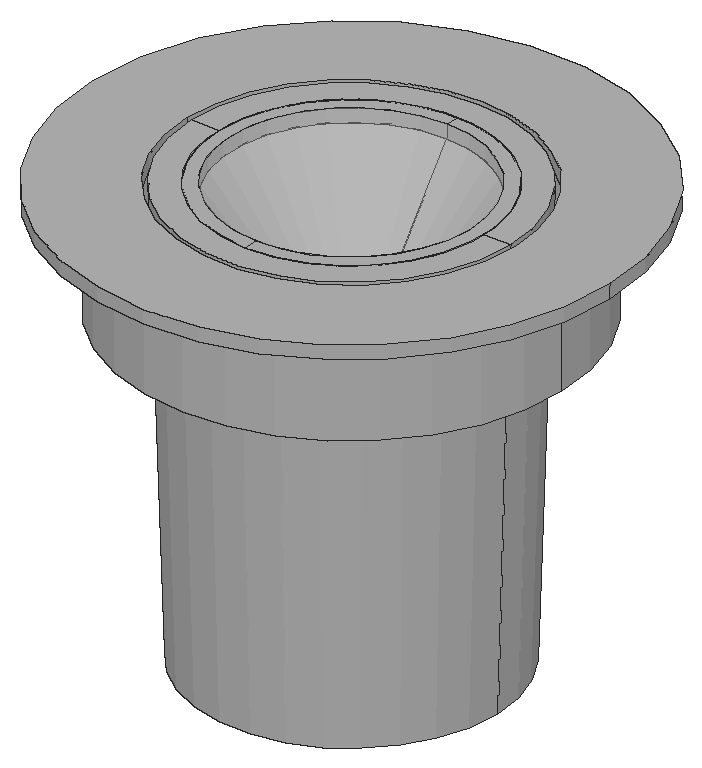
Revit family "3079454 Feilo Sylvania Lighting Fixture INST ECO KIT LED ADJ BA NW DIMMABLE", category Lighting Fixtures, host Face, Revit 2017
Family settings
  Host = Face
  Round Connector Dimension = Use Diameter
  Part Type = Normal
  OmniClass Number = 23.80.70.11.17
  OmniClass Title = Specialized Lighting by Location or Use
  Cut with Voids When Loaded = No
  Light Source = No
  Shared = No
  Room Calculation Point = No
Parameters (values of type "3079454 INST ECO KIT LED ADJ BA NW DIMMABLE")
  Weight = "8.12 kg"
  WarrantyStartDate [instance] = "n/a"
  WarrantyGuarantorParts = "n/a"
  WarrantyDurationUnit = "n/a"
  WarrantyDurationParts = "n/a"
  WarrantyDescription = "n/a"
  Voltage = 230 V
  URL = "http://www.sylvania-lighting.com"
  TypeName = "INST ECO KIT LED ADJ BA NW DIMMABLE"
  TypeHead_FEILO = Rotateable Head : 3079454 INST ECO KIT LED ADJ BA NW DIMMABLE
  SerialNumber [instance] = "n/a"
  PowerFactor = 0
  PowerConsumption = "10 W"
  NominalWidth = 0.0 mm
  NominalLength = 78.0 mm
  NominalHeight = 62.0 mm
  Name = "INST ECO KIT LED ADJ BA NW DIMMABLE"
  ModelReference = "INST ECO KIT LED ADJ BA NW DIMMABLE"
  ModelNumber = "3079454"
  Material_1_FEILO = Aluminum_Sylvania_Instar Eco Kit Adjustable SunDim_Bright
  RecessedDepth_FEILO = Height_FEILO + 38.0 mm  # 100.0 mm
  Material = "aluminium housing, plastic diffuser"
  ManufacturerName = "Feilo Sylvania"
  LuminousEfficacy = "51.5 lm/W"
  LuminaireType = ""
  LightOutputRatio = "100"
  LampsType = Lamp  # "LED"
  LampNominalLuminous = "515 lm"
  LampMacAdamStep = "n/a"
  LampColourTemperature = "4000 K"
  LampColourRenderingIndex = "83"
  Keynote = "16500"
  InstallationDate [instance] = "n/a"
  InputVoltage = "220-240V~"
  InputNominalFrequency = "n/a"
  IngressProtection = "IP23"
  ImpactProtectionIndex = "IK02"
  IfcExportType = "IfcLightFixtureType"
  IfcExportAs = "IfcLightFixtureType"
  HeadRadius_FEILO = HeadDiameter_FEILO / 2  # 24.0 mm
  HeadDiameter_FEILO = AccessoryInnerDiameter_FEILO - 1.5 mm  # 48.0 mm
  ExpectedLife = 50000
  EndAngle_FEILO [instance] = FixtureTiltAngle_FEILO + 180.00°  # 180.00°
  ElectricShockClassification = "Class II"
  DurationUnit = "hours"
  DocumentationLiterature = "http://www.sylvania-lighting.com/product/en-int/products/3079454"
  DimmingControlOptions = "Dimmable"
  CreatedOn = "2/19/2018"
  CreatedBy = ""
  BarCode [instance] = "n/a"
  AssetType = "Fixed"
  AssetIdentifier [instance] = "n/a"
  AccessoryBodyOuterDiameter_FEILO = AccessoryInnerDiameter_FEILO + 14.0 mm  # 63.5 mm
  Offset_FEILO = -5.3 mm  # constant formula
  Diameter_FEILO = AccessoryOuterDiameter_FEILO  # 78.0 mm
  AccessoryInnerDiameter_FEILO = 49.5 mm
  Height_FEILO = 62.0 mm
  FixtureTiltAngle_FEILO [instance] = 0.00°
  CutoutDiameter_FEILO = Diameter_FEILO - 10.0 mm  # 68.0 mm
  Material_2_FEILO = Aluminum_Sylvania_Instar Eco Kit Adjustable SunDim_White
  Material_3_FEILO = Aluminum_Sylvania_Instar Eco Kit Adjustable SunDim_Brushed
  built-in parameter 1114216 [instance] = 1 (stored number, unit not read)
  Model = "INST ECO KIT LED ADJ BA NW DIMMABLE"
  Manufacturer = "Feilo Sylvania"  # constant formula
  Lamp = "LED"
  Material_4_FEILO = Glass_Sylvania_Instar Eco Kit Adjustable SunDim_Clear
  Description = "Utilsing SunDim technology to acheive warmer colour temperature as the fitting is dimmed. Incredible colour quality with 92  to 94 CRI. 12W LED white downlight. Ideal for hospitality accent and display lighting applications such as bathrooms, wellness areas, terraces or porches. Choice of fixed, adjustable and dimmable fixed versions. Comes complete and ready to install with its driver. Available in white and brushed aluminium finishes. Outstanding performace, up to 545lm - at 3,000K. A small 68mm round cut out is required, giving the ability to place your light source almost anywhere due to a shallow luminaire depth of 49.9mm. Quick and easy to install. No UV or IR radiations. LED technology provides energy efficient solution and reduced maintenance costs"  # constant formula
  Default Elevation = 0.0 mm
  built-in parameter 1140040 [instance] = 1
  Assembly Code = "D5020200"
  Apparent Load = 10 VA
  AccessoryBodyInnerDiameter_FEILO = 60.0 mm
  AccessoryOuterDiameter_FEILO = AccessoryBodyInnerDiameter_FEILO + 18.0 mm  # 78.0 mm
Reference planes
  plane 1 "Center (Front/Back)": y = 0
  plane 2: z = 0
  plane 3 "Center (Left/Right)": x = 0
  plane 4 "Fixture Bottom": z = 2
  plane 5 "Accessory Top": z = -15
  plane 6 "Rotation Plane": z = -5.29
  plane 7: y = 5
  plane 8: y = -5
  plane 9: x = -5
Forms (mm)
  Extrusion 1, void
    sketch origin (0, 0, 58) x (-1, 0, 0) y (0, -1, 0)
      loop
        circle (0, 0) r 34
    from -376.952 to -56
  Extrusion 2, solid, material "Aluminum_Sylvania_Instar Eco Kit Adjustable SunDim_Brushed" <- "Material_3_FEILO"
    sketch origin (0, 0, 58) x (-1, 0, 0) y (0, -1, 0)
      loop
        circle (0, 0) r 39
      loop
        circle (0, 0) r 24.75
    from -58 to -56
  Extrusion 3, solid, material "Aluminum_Sylvania_Instar Eco Kit Adjustable SunDim_Brushed" <- "Material_3_FEILO"
    sketch origin (0, 0, 58) x (-1, 0, 0) y (0, -1, 0)
      loop
        circle (0, 0) r 30
      loop
        circle (0, 0) r 31.75
    from -73 to -58
  Revolve 4, solid, not visible
    sketch origin (1.164, -4572, -5.29) x (-1, 0, 0) y (0, -1, 0)
      loop
        line (1.164, -4577) -> (6.164, -4577) -> (6.164, -4567) -> (1.164, -4567) -> (1.164, -4577)
      axis (1.164, -4577) -> (1.164, -4567)
    angle from 0 <- "FixtureTiltAngle_FEILO" to 180 <- "EndAngle_FEILO"
Cuts and joins
  joined: Extrusion 2, Extrusion 3
Dimensions and locks
  locked: plane 4 "Fixture Bottom" to plane 2 at 2
  locked: plane 2 to plane 5 "Accessory Top" at 15
  locked: plane 2 to plane 6 "Rotation Plane" at 5.29
  plane 8 to plane 1 "Center (Front/Back)" to plane 7 = 5.0 mm locked, 5.0 mm locked
  locked: plane 9 to plane 3 "Center (Left/Right)" at 5
  "AccessoryOuterDiameter_FEILO": diameter of Extrusion 2 sketch curve
  "AccessoryInnerDiameter_FEILO": diameter of Extrusion 2 sketch curve
  "AccessoryBodyOuterDiameter_FEILO": diameter of Extrusion 3 sketch curve
  "AccessoryBodyInnerDiameter_FEILO": diameter of Extrusion 3 sketch curve
  "CutoutDiameter_FEILO": diameter of Extrusion 1 sketch curve
  aligned and locked: plane 2 to host face
  aligned and locked: level to host face
  aligned and locked: Extrusion 2 to plane 2
  aligned and locked: plane 4 "Fixture Bottom" to Extrusion 2
  aligned and locked: plane 2 to Extrusion 3
  aligned and locked: Extrusion 3 to plane 5 "Accessory Top"
  aligned and locked: plane 4 "Fixture Bottom" to Extrusion 1
  aligned and locked: plane 3 "Center (Left/Right)" to Revolve 4 sketch curve
  aligned and locked: Revolve 4 sketch curve to plane 3 "Center (Left/Right)"
  aligned and locked: nested 1 to Revolve 4
  aligned and locked: nested 1 to plane 1 "Center (Front/Back)"
  aligned and locked: plane 8 to Revolve 4 sketch curve
  aligned and locked: Revolve 4 sketch curve to plane 7
  aligned and locked: Revolve 4 sketch curve to plane 9
Automatic sketch dimensions
  host sketch curve to host sketch curve = 345.0 mm
  host sketch curve to host sketch curve = 280.0 mm
  Revolve 4 sketch curve to plane 3 "Center (Left/Right)" = 0.0 mm  (x2)
  Revolve 4 sketch curve to plane 7 = 806.717 mm
  plane 8 to Revolve 4 sketch curve = 758.171 mm
  plane 1 "Center (Front/Back)" to Extrusion 1 sketch curve = 0.0 mm
  Extrusion 1 sketch curve to plane 3 "Center (Left/Right)" = 0.0 mm
  Extrusion 2 sketch curve to Extrusion 2 sketch curve = 0.0 mm  (x2)
  plane 1 "Center (Front/Back)" to Extrusion 2 sketch curve = 0.0 mm
  Extrusion 2 sketch curve to plane 3 "Center (Left/Right)" = 0.0 mm
  Extrusion 3 sketch curve to Extrusion 3 sketch curve = 0.0 mm  (x2)
  plane 1 "Center (Front/Back)" to Extrusion 3 sketch curve = 0.0 mm
  Extrusion 3 sketch curve to plane 3 "Center (Left/Right)" = 0.0 mm
Nested families
  nested 1: "Rotateable Head" at (0, -1.973, 0.01) x (1, 0, 0) z (0, 0, -1), type <- "TypeHead_FEILO", type "3079454 INST ECO KIT LED ADJ BA NW DIMMABLE"
Definition of nested family "Rotateable Head"
  Parameters (values of type "3079456 INST ECO KIT LED ADJ BA 2.7K DIMMABLE")
    Wattage = 10 W
    built-in parameter 1150110 = 1 (stored number, unit not read)
    URL = "http://www.feilosylvania.com"
    built-in parameter 1114217 = 1 (stored number, unit not read)
    Tilt Angle = 90.00°
    built-in parameter 1150109 = 1 (stored number, unit not read)
    built-in parameter 1150134 = (empty or 0)
    built-in parameter 1150113 = 1 (stored number, unit not read)
    Model = "INST ECO KIT LED ADJ BA 2.7K DIMMABLE"
    Material_1_FEILO = none
    Photometric Web File = "3079456.ies"
    Outer Radius = 24.0 mm
    Manufacturer = "Feilo Sylvania"
    built-in parameter 1150105 = 854.9 (stored number, unit not read)
    Lumens = 450 lm
    built-in parameter 1150115 = 1 (stored number, unit not read)
    built-in parameter 1150137 = (empty or 0)
    built-in parameter 1150139 = (empty or 0)
    built-in parameter 1150112 = 1 (stored number, unit not read)
    built-in parameter 1150114 = 1 (stored number, unit not read)
    Lamp = "LED"
    Keynote = "16500"
    Inner Radius = Outer Radius - 4.0 mm  # 20.0 mm
    built-in parameter 1150132 = 2
    built-in parameter 1150102 = (empty or 0)
    built-in parameter 1150107 = 2700 (stored number, unit not read)
    built-in parameter 1150138 = (empty or 0)
    built-in parameter 1150106 = 8.549 (stored number, unit not read)
    Height = 62.0 mm
    Emit from Circle Diameter = Diffuser Radius * 2  # 36.0 mm
    Emit Shape Visible in Rendering = no
    built-in parameter 1150104 = 4.1806 (stored number, unit not read)
    Dimming Lamp Color Temperature Shift = (empty or 0)
    Diffuser Radius = Outer Radius - 6.0 mm  # 18.0 mm
    Material_2_FEILO = none
    Description = "25° tiltable, IP23 Accent downlight perfect for 50W Halogen retrofits. Optimal solution in size and luminous efficiency for hospitality and accent and display lighting applications with a 36° beam and 450 lumen output. The downlight provides 2700K CCT and also comes including a dimmable driver."
    Default Elevation = 0.0 mm
    Color Filter = 16777215
    Material_3_FEILO = none
    built-in parameter 1114218 = 1 (stored number, unit not read)
    built-in parameter 1150133 = 10 (stored number, unit not read)
    Assembly Code = "D5020200"
    Apparent Load = 10 VA
  Types (12, lengths in mm): name | built-in parameter 1150134 | Model | Photometric Web File | built-in parameter 1150105 | Lumens | built-in parameter 1150107 | built-in parameter 1150106 | built-in parameter 1150104 | Description
    3079456 INST ECO KIT LED ADJ BA 2.7K DIMMABLE | (empty or 0) | "INST ECO KIT LED ADJ BA 2.7K DIMMABLE" | "3079456.ies" | 854.9 (stored number, unit not read) | 450 lm | 2700 (stored number, unit not read) | 8.549 (stored number, unit not read) | 4.1806 (stored number, unit not read) | "25° tiltable, IP23 Accent downlight perfect for 50W Halogen retrofits. Optimal solution in size and luminous efficiency for hospitality and accent and display lighting applications with a 36° beam and 450 lumen output. The downlight provides 2700K CCT and also comes including a dimmable driver."
    3079455 INST ECO KIT LED ADJ WH 2.7K DIMMABLE | (empty or 0) | "INST ECO KIT LED ADJ WH 2.7K DIMMABLE" | "3079455.ies" | 854.9 (stored number, unit not read) | 450 lm | 2700 (stored number, unit not read) | 8.549 (stored number, unit not read) | 4.1806 (stored number, unit not read) | "25° tiltable, IP23 Accent downlight perfect for 50W Halogen retrofits. Optimal solution in size and luminous efficiency for hospitality and accent and display lighting applications with a 36° beam and 450 lumen output. The downlight provides 2700K CCT and also comes including a dimmable driver."
    3079454 INST ECO KIT LED ADJ BA NW DIMMABLE | 12 | "INST ECO KIT LED ADJ BA NW DIMMABLE" | "3079454.ies" | 981.6 (stored number, unit not read) | 515 lm | 4000 (stored number, unit not read) | 9.816 (stored number, unit not read) | 4.7845 (stored number, unit not read) | "25° tiltable, IP23 Accent downlight perfect for 50W Halogen retrofits. Optimal solution in size and luminous efficiency for hospitality and accent and display lighting applications with a 36° beam and 515 lumen output. The downlight provides 4000K CCT and also comes including a dimmable driver."
    3079453 INST ECO KIT LED ADJ WH NW DIMMABLE | 12 | "INST ECO KIT LED ADJ WH NW DIMMABLE" | "3079453.ies" | 981.6 (stored number, unit not read) | 515 lm | 4000 (stored number, unit not read) | 9.816 (stored number, unit not read) | 4.7845 (stored number, unit not read) | "25° tiltable, IP23 Accent downlight perfect for 50W Halogen retrofits. Optimal solution in size and luminous efficiency for hospitality and accent and display lighting applications with a 36° beam and 515 lumen output. The downlight provides 4000K CCT and also comes including a dimmable driver."
    3079452 INST ECO KIT LED ADJ BA WW DIMMABLE | (empty or 0) | "INST ECO KIT LED ADJ BA WW DIMMABLE" | "3079452.ies" | 846.87 (stored number, unit not read) | 462 lm | 3000 (stored number, unit not read) | 8.4687 (stored number, unit not read) | 4.2921 (stored number, unit not read) | "25° tiltable, IP23 Accent downlight perfect for 50W Halogen retrofits. Optimal solution in size and luminous efficiency for hospitality and accent and display lighting applications with a 36° beam and 462 lumen output. The downlight provides 3000K CCT and also comes including a dimmable driver."
    3079451 INST ECO KIT LED ADJ WH WW DIMMABLE | (empty or 0) | "INST ECO KIT LED ADJ WH WW DIMMABLE" | "3079451.ies" | 846.87 (stored number, unit not read) | 462 lm | 3000 (stored number, unit not read) | 8.4687 (stored number, unit not read) | 4.2921 (stored number, unit not read) | "25° tiltable, IP23 Accent downlight perfect for 50W Halogen retrofits. Optimal solution in size and luminous efficiency for hospitality and accent and display lighting applications with a 36° beam and 462 lumen output. The downlight provides 3000K CCT and also comes including a dimmable driver."
    3079356 INST ECO KIT LED ADJ BA 2700K | (empty or 0) | "INST ECO KIT LED ADJ BA 2700K" | "3079356.ies" | 854.9 (stored number, unit not read) | 450 lm | 2700 (stored number, unit not read) | 8.549 (stored number, unit not read) | 4.1806 (stored number, unit not read) | "25° tiltable, IP23 Accent downlight perfect for 50W Halogen retrofits. Optimal solution in size and luminous efficiency for hospitality and accent and display lighting applications with a 36° beam and 450 lumen output. The downlight provides 2700K CCT and also comes including a non dimmable driver."
    3079355 INST ECO KIT LED ADJ WH 2700K | (empty or 0) | "INST ECO KIT LED ADJ WH 2700K" | "3079355.ies" | 854.9 (stored number, unit not read) | 450 lm | 2700 (stored number, unit not read) | 8.549 (stored number, unit not read) | 4.1806 (stored number, unit not read) | "25° tiltable, IP23 Accent downlight perfect for 50W Halogen retrofits. Optimal solution in size and luminous efficiency for hospitality and accent and display lighting applications with a 36° beam and 450 lumen output. The downlight provides 2700K CCT and also comes including a non dimmable driver."
    3079354 INST ECO KIT LED ADJ BA 36° NW | 12 | "INST ECO KIT LED ADJ BA 36° NW" | "3079354.ies" | 981.6 (stored number, unit not read) | 515 lm | 4000 (stored number, unit not read) | 9.816 (stored number, unit not read) | 4.7845 (stored number, unit not read) | "25° tiltable, IP23 Accent downlight perfect for 50W Halogen retrofits. Optimal solution in size and luminous efficiency for hospitality and accent and display lighting applications with a 36° beam and 515 lumen output. The downlight provides 4000K CCT and also comes including a non dimmable driver."
    3079353 INST ECO KIT LED ADJ WH 36° NW | 12 | "INST ECO KIT LED ADJ WH 36° NW" | "3079353.ies" | 981.6 (stored number, unit not read) | 515 lm | 4000 (stored number, unit not read) | 9.816 (stored number, unit not read) | 4.7845 (stored number, unit not read) | "25° tiltable, IP23 Accent downlight perfect for 50W Halogen retrofits. Optimal solution in size and luminous efficiency for hospitality and accent and display lighting applications with a 36° beam and 515 lumen output. The downlight provides 4000K CCT and also comes including a non dimmable driver."
    3079352 INST ECO KIT LED ADJ BA 36° WW | (empty or 0) | "INST ECO KIT LED ADJ BA 36° WW" | "3079352.ies" | 846.87 (stored number, unit not read) | 462 lm | 3000 (stored number, unit not read) | 8.4687 (stored number, unit not read) | 4.2921 (stored number, unit not read) | "25° tiltable, IP23 Accent downlight perfect for 50W Halogen retrofits. Optimal solution in size and luminous efficiency for hospitality and accent and display lighting applications with a 36° beam and 462 lumen output. The downlight provides 3000K CCT and also comes including a non dimmable driver."
    3079351 INST ECO KIT LED ADJ WH 36° WW | (empty or 0) | "INST ECO KIT LED ADJ WH 36° WW" | "3079351.ies" | 846.87 (stored number, unit not read) | 462 lm | 3000 (stored number, unit not read) | 8.4687 (stored number, unit not read) | 4.2921 (stored number, unit not read) | "25° tiltable, IP23 Accent downlight perfect for 50W Halogen retrofits. Optimal solution in size and luminous efficiency for hospitality and accent and display lighting applications with a 36° beam and 462 lumen output. The downlight provides 3000K CCT and also comes including a non dimmable driver."
  Reference planes
    plane 1 "Center (Front/Back)": y = -1.973
    plane 2: z = 0
    plane 3 "Center (Left/Right)": x = 0
    plane 4: z = -2
    plane 5: z = 62
    plane 6: z = 58
    plane 7: z = 5.3
  Forms (mm)
    Revolve 1, solid, material <- "Material_1_FEILO", detail levels fine
      sketch origin (0, 0, 0) x (0, 1, 0) y (0, 0, 1)
        loop
          line (18.027, -2) -> (17.433, 17) -> (-1.973, 17) -> (-1.973, 15) -> (5.129, 15) -> (16.027, 0) -> (16.027, -2) -> (18.027, -2)
        axis (-1.973, 17) -> (-1.973, -2)
      angle from 0 to 360
    Extrusion 2, solid, material <- "Material_2_FEILO", detail levels fine
      sketch origin (0, 0, 0) x (1, 0, 0) y (0, 1, 0)
        loop
          circle (0, -1.973) r 18
      from -2 to 0
    Revolve 3, solid, material <- "Material_3_FEILO", detail levels fine
      sketch origin (0, -1.973, 0) x (1, 0, 0) y (0, 0, 1)
        loop
          line (-24, -2) -> (-20, -2) -> (-18.125, 58) -> (0, 58) -> (0, 62) -> (-22, 62) -> (-24, -2)
        axis (0, 62) -> (0, -2)
      angle from 0 to 360
    Revolve 4, solid, material <- "Material_3_FEILO", detail levels coarse+medium
      sketch origin (0, -1.973, 0) x (1, 0, 0) y (0, 0, 1)
        loop
          line (-24, -2) -> (0, -2) -> (0, 62) -> (-22, 62) -> (-24, -2)
        axis (0, 62) -> (0, -2)
      angle from 0 to 360
  Dimensions and locks
    "Outer Radius": plane 3 "Center (Left/Right)" to Revolve 3 sketch curve
    locked: Revolve 3 sketch curve to Revolve 3 sketch curve at 4
    locked: Revolve 3 sketch curve to Revolve 3 sketch curve at 3.998
    "Inner Radius": Revolve 1 sketch curve to plane 1 "Center (Front/Back)"
    locked: Revolve 1 sketch curve to Revolve 1 sketch curve at 2
    locked: plane 7 to plane 2 at 5.3
    "Outer Radius": imposter light to Revolve 4 sketch curve
    locked: level to plane 4 at 2
    locked: plane 5 to plane 6 at 4
    "Height": plane 5 to level
    "Diffuser Radius": radius of Extrusion 2 sketch curve
    aligned and locked: level to plane 2
    aligned and locked: Revolve 1 sketch curve to plane 4
    aligned and locked: plane 1 "Center (Front/Back)" to Revolve 1 sketch curve
    aligned and locked: Revolve 1 sketch curve to plane 1 "Center (Front/Back)"
    aligned and locked: plane 4 to Revolve 1 sketch curve
    aligned and locked: plane 2 to Revolve 1 sketch curve
    aligned and locked: Revolve 1 sketch curve to Revolve 1 sketch curve
    aligned and locked: Extrusion 2 to plane 4
    aligned and locked: plane 2 to Extrusion 2
    aligned and locked: Revolve 3 sketch curve to plane 5
    aligned and locked: Revolve 3 sketch curve to plane 6
    aligned and locked: Revolve 3 sketch curve to plane 3 "Center (Left/Right)"  (x2)
    aligned and locked: plane 3 "Center (Left/Right)" to imposter light
    aligned and locked: plane 1 "Center (Front/Back)" to imposter light
    aligned and locked: plane 4 to imposter light
    aligned and locked: Revolve 4 sketch curve to plane 5
    aligned and locked: Revolve 4 sketch curve to plane 4
    aligned and locked: Revolve 4 sketch curve to plane 3 "Center (Left/Right)"
  Automatic sketch dimensions
    Revolve 1 sketch curve to plane 1 "Center (Front/Back)" = 7.102 mm
    Revolve 1 sketch curve to Revolve 1 sketch curve = 12.304 mm
    Revolve 1 sketch curve to plane 7 = 9.7 mm
    Revolve 1 sketch curve to Revolve 1 sketch curve = 2.0 mm
    Revolve 1 sketch curve to plane 4 = 14.644 mm
    Revolve 1 sketch curve to Revolve 1 sketch curve = 17.617 mm
    plane 1 "Center (Front/Back)" to Extrusion 2 sketch curve = 0.0 mm
    Extrusion 2 sketch curve to plane 3 "Center (Left/Right)" = 0.0 mm
    Revolve 3 sketch curve to plane 4 = 0.0 mm
    Revolve 3 sketch curve to plane 4 = 30.928 mm
    Revolve 3 sketch curve to Revolve 3 sketch curve = 20.072 mm
    Revolve 4 sketch curve to plane 3 "Center (Left/Right)" = 0.0 mm
    Revolve 4 sketch curve to plane 3 "Center (Left/Right)" = 22.0 mm
    Revolve 4 sketch curve to Revolve 4 sketch curve = 30.928 mm
    Revolve 4 sketch curve to Revolve 4 sketch curve = 20.072 mm
